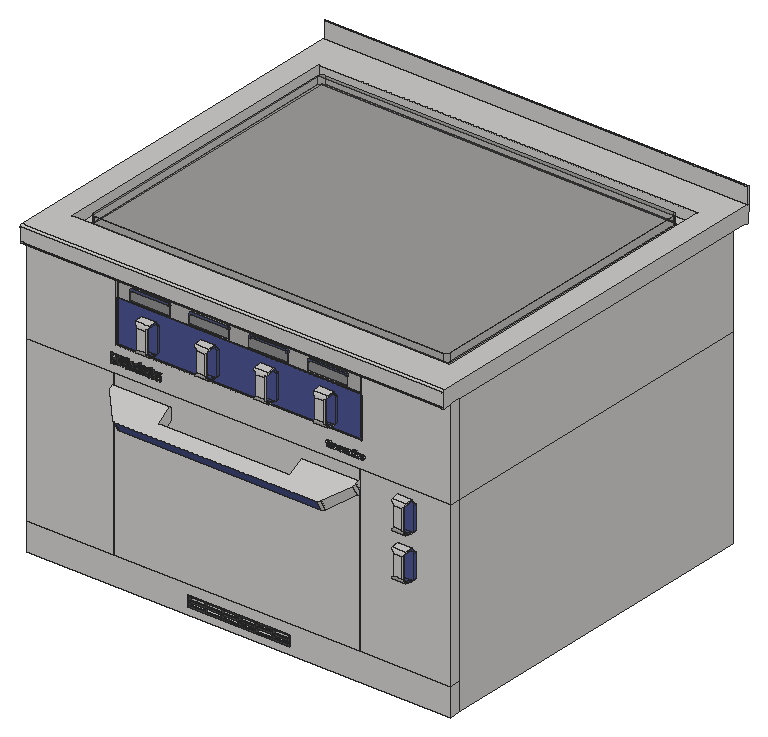
Revit family "QF_ELECTROLUXPROFESSIONAL_589662_MCTGEBJ8AO", category Attrezzature speciali, Revit 2020
Family settings
  Quota connettore circolare = Usa diametro
  Tipo di parte = Normale
  Basato su piano di lavoro = No
  Sempre verticale = Sì
  Taglio con vuoti quando caricato = No
  Condiviso = No
  Punto di calcolo locali = No
Parameters (values of type "Standard")
  Weight = 258.00 kg
  Watts = 21300 W
  Volts = 400 V
  URL Manufacturer = "https://www.electroluxprofessional.com/"
  URL = "https://www.electroluxprofessional.com/"
  Steam Supply Size = 0"
  Steam Supply Minimum Pressure = 0.00 psi
  Steam Supply Maximum Pressure = 0.00 psi
  Steam Consumption per Hour = 0
  Refrigeration Suction Line Size = 0 mm
  Refrigeration Liquid Line Size = 0 mm
  Refrigerant Compressor Remote = yes
  Prospetto di default = 0 mm
  Phase = 3
  Modello = "MCTGEBJ8AO"
  Produttore = "Electrolux Professional"
  Length Actual = 1000 mm  # constant formula
  Item Number = "589662"
  Hot Water Size = 0"
  Height Actual = 700 mm  # constant formula
  HP = "28.6 HP"
  Gas Size = 0"
  Gas KW = 0
  Gas Input Pressure = 0.0 Btu/h
  Direct Waste Size = 0"
  Descrizione = "EL.FREE COOK.ST.OVEN,1S,BS,1000X900X700H"
  Depth Actual = 900 mm  # constant formula
  Cycle = 50 Hz
  Condensate Return Size = 0"
  Compressed Air Volume = 0 GPM
  Compressed Air Size = 0"
  Compressed Air Pressure = 0.00 psi
  Cold Water Size = 0"
  Accessory = yes
Reference planes
  plane 1 "BACK": y = 0
  plane 2: z = 0
  plane 3 "LEFT": x = -100
  plane 4 "RIGHT": x = 900
  plane 5 "FRONT": y = -900
  plane 6 "TOP": z = 900
  plane 7 "Center (Left/Right)": x = 400
  plane 8: y = -450
  plane 9: z = 200
  plane 10: y = -150
  plane 11 "Panel": y = -855
  plane 12: z = 798
  plane 13: z = 1327
  plane 14: x = -22
  plane 15: x = 822
  plane 16: y = -150
  plane 17: y = -650
  plane 18 "EIx": x = 855
  plane 19 "EIy": y = -685
  plane 20: y = -880
  plane 21: z = 938
Forms (mm)
  Extrusion 1, solid, material "QF_Finishes_Stainless Steel"
    sketch origin (-178.969, -4572, 200) x (-1, 0, 0) y (0, -1, 0)
      loop
        line (-78.969, -4527) -> (-78.969, -3717) -> (-1078.969, -3717) -> (-1078.969, -4527) -> (-78.969, -4527)
    from 450 to 663
  Extrusion 2, solid, material "QF_Finishes_Stainless Steel"
    sketch origin (-100, 0, 0) x (0, 1, 0) y (0, 0, 1)
      loop
        line (-855, 200) -> (-855, 265) -> (-880, 265) -> (-880, 200) -> (-855, 200)
    from 0 to 1000
  Extrusion 3, solid, material "QF_Finishes_Stainless Steel"
    sketch origin (-488.969, -4662, 200) x (-1, 0, 0) y (0, -1, 0)
      loop
        circle (-1343.969, -3977) r 6.35
    from 0 to -11.851
  Extrusion 4, solid, material "QF_Finishes_Stainless Steel"
    sketch origin (400, 296.4, 1219.2) x (0, 1, 0) y (0, 0, 1)
      loop
        line (-296.4, -319.2) -> (-1191.4, -319.2)
        arc (-1191.4, -319.2) -> (-1194.935, -320.664) -> (-1196.4, -324.2) r 5
        line (-1196.4, -324.2) -> (-1196.4, -355.2)
        arc (-1196.4, -355.2) -> (-1194.971, -358.264) -> (-1191.705, -359.139) r 4
        line (-1191.705, -359.139) -> (-1176.4, -356.231) -> (-316.4, -356.231) -> (-301.094, -359.139)
        arc (-301.094, -359.139) -> (-297.829, -358.264) -> (-296.4, -355.2) r 4
        line (-296.4, -355.2) -> (-296.4, -319.2)
    from -500 to 500
  Extrusion 5, solid, material "QF_Finishes_Electrolux_Black Smoke Iluminated"
    sketch origin (0, 0, 900) x (-1, 0, 0) y (0, -1, 0)
      loop
        arc (12, 109) -> (19.071, 111.929) -> (22, 119) r 10
        line (22, 119) -> (22, 780)
        arc (22, 780) -> (19.071, 787.071) -> (12, 790) r 10
        line (12, 790) -> (-812, 790)
        arc (-812, 790) -> (-819.071, 787.071) -> (-822, 780) r 10
        line (-822, 780) -> (-822, 119)
        arc (-822, 119) -> (-819.071, 111.929) -> (-812, 109) r 10
        line (-812, 109) -> (12, 109)
    from 0 to -20
  Extrusion 6, solid, material "QF_Finishes_Stainless Steel"
    sketch origin (-178.969, -4572, 200) x (-1, 0, 0) y (0, -1, 0)
      loop
        line (-78.969, -4527) -> (-78.969, -3717) -> (-1078.969, -3717) -> (-1078.969, -4527) -> (-78.969, -4527)
    from 450 to 0
  Extrusion 7, void
    sketch origin (0, -855, 0) x (-1, 0, 0) y (0, 0, 1)
      loop
        line (-520, 216.594) -> (-280, 216.594) -> (-280, 241.594) -> (-520, 241.594) -> (-520, 216.594)
    from 0 to -25
  Extrusion 8, solid, material "QF_Finishes_Black"
    sketch origin (0, -855, 0) x (-1, 0, 0) y (0, 0, 1)
      loop
        line (-280, 241.594) -> (-520, 241.594) -> (-520, 216.594) -> (-280, 216.594) -> (-280, 241.594)
      loop
        line (-282, 239.594) -> (-319.131, 239.594) -> (-319.131, 230.094) -> (-282, 230.094) -> (-282, 239.594)
      loop
        line (-282, 218.594) -> (-282, 228.094) -> (-319.131, 228.094) -> (-319.131, 218.594) -> (-282, 218.594)
      loop
        line (-321.131, 239.594) -> (-359.066, 239.594) -> (-359.066, 230.094) -> (-321.131, 230.094) -> (-321.131, 239.594)
      loop
        line (-399, 239.594) -> (-399, 230.094) -> (-361.066, 230.094) -> (-361.066, 239.594) -> (-399, 239.594)
      loop
        line (-401, 239.594) -> (-438.934, 239.594) -> (-438.934, 230.094) -> (-401, 230.094) -> (-401, 239.594)
      loop
        line (-359.066, 218.594) -> (-321.131, 218.594) -> (-321.131, 228.094) -> (-359.066, 228.094) -> (-359.066, 218.594)
      loop
        line (-361.066, 218.594) -> (-361.066, 228.094) -> (-399, 228.094) -> (-399, 218.594) -> (-361.066, 218.594)
      loop
        line (-401, 228.094) -> (-438.934, 228.094) -> (-438.934, 218.594) -> (-401, 218.594) -> (-401, 228.094)
      loop
        line (-518, 239.594) -> (-518, 230.094) -> (-480.869, 230.094) -> (-480.869, 239.594) -> (-518, 239.594)
      loop
        line (-518, 218.594) -> (-480.869, 218.594) -> (-480.869, 228.094) -> (-518, 228.094) -> (-518, 218.594)
      loop
        line (-478.869, 239.594) -> (-478.869, 230.094) -> (-440.934, 230.094) -> (-440.934, 239.594) -> (-478.869, 239.594)
      loop
        line (-440.934, 218.594) -> (-440.934, 228.094) -> (-478.869, 228.094) -> (-478.869, 218.594) -> (-440.934, 218.594)
    from -25.03 to -20
  Extrusion 9, void
    sketch origin (0, 0, 900) x (-1, 0, 0) y (0, -1, 0)
      loop
        line (47, 815) -> (-847, 815) -> (-847, 84) -> (47, 84) -> (47, 815)
    from 0 to -25
  Extrusion 10, solid, material "QF_Finishes_Stainless Steel"
    sketch origin (0, 0, 900) x (-1, 0, 0) y (0, -1, 0)
      loop
        line (18, 113) -> (18, 786) -> (-818, 786) -> (-818, 113) -> (18, 113)
    from -20 to -25
  Extrusion 11, solid, material "QF_Finishes_Stainless Steel"
    sketch origin (400, 296.4, 1219.2) x (0, 1, 0) y (0, 0, 1)
      loop
        line (-296.4, -319.2) -> (-296.4, -281.2) -> (-298.4, -281.2) -> (-298.4, -319.2) -> (-296.4, -319.2)
    from -500 to 500
Cuts and joins
  Extrusion 7 cuts Extrusion 6
  Extrusion 7 cuts Extrusion 2
  Extrusion 9 cuts Extrusion 4
Lines and regions (mm)
  symbolic lines
    curve 1: line (-100, 0, 200) -> (900, 0, 200)
    curve 2: line (-100, -900, 200) -> (-100, 0, 200)
    curve 3: line (900, -900, 200) -> (-100, -900, 200)
    curve 4: line (900, 0, 200) -> (900, -900, 200)
    curve 5: line (812, -109, 200) -> (-12, -109, 200)
    curve 6: line (-22, -119, 200) -> (-22, -780, 200)
    curve 7: line (-12, -790, 200) -> (812, -790, 200)
    curve 8: line (822, -780, 200) -> (822, -119, 200)
    curve 9: arc (-12, -109, 200) -> (-19.071, -111.929, 200) -> (-22, -119, 200) r 10
    curve 10: arc (822, -119, 200) -> (819.071, -111.929, 200) -> (812, -109, 200) r 10
    curve 11: arc (812, -790, 200) -> (819.071, -787.071, 200) -> (822, -780, 200) r 10
    curve 12: arc (-22, -780, 200) -> (-19.071, -787.071, 200) -> (-12, -790, 200) r 10
    curve 13: line (847, -84, 900) -> (-47, -84, 900)
    curve 14: line (-47, -84, 900) -> (-47, -815, 900)
    curve 15: line (847, -815, 900) -> (847, -84, 900)
    curve 16: line (-47, -815, 900) -> (847, -815, 900)
    curve 17: line (-100, -2, 900) -> (900, -2, 900)
Dimensions and locks
  plane 3 "LEFT" to plane 4 "RIGHT" = 1000 mm
  plane 5 "FRONT" to plane 1 "BACK" = 900 mm
  plane 3 "LEFT" to plane 7 "Center (Left/Right)" to plane 4 "RIGHT" = 500 mm, 500 mm
  equal spacing: plane 5 "FRONT", plane 8, plane 1 "BACK"
  plane 6 "TOP" to level = 900 mm  (x2)
  plane 9 to level = 200 mm
  plane 1 "BACK" to plane 10 to plane 11 "Panel" = 150 mm, 705 mm  (x2)
  plane 6 "TOP" to plane 9 to level = 700 mm, 200 mm
  plane 1 "BACK" to plane 5 "FRONT" = 900 mm
  plane 1 "BACK" to Extrusion 3 = 685 mm
  plane 12 to plane 9 = 598 mm
  plane 13 to plane 6 "TOP" = 427 mm
  plane 6 "TOP" to plane 12 = 102 mm
  plane 14 to plane 3 "LEFT" = 78 mm
  plane 15 to plane 4 "RIGHT" = 78 mm
  locked: plane 1 "BACK" to plane 16 at 150
  locked: plane 16 to plane 17 at 500
  plane 11 "Panel" to plane 5 "FRONT" = 45 mm
  plane 18 "EIx" to plane 4 "RIGHT" = 45 mm
  plane 19 "EIy" to plane 1 "BACK" = 685 mm
  locked: plane 11 "Panel" to plane 20 at 25
  plane 21 to plane 6 "TOP" = 38 mm
  aligned and locked: level to plane 2
  aligned and locked: Extrusion 2 to plane 4 "RIGHT"
  aligned and locked: cut or joined group of Extrusion 4, Extrusion 9 to plane 3 "LEFT"
  aligned and locked: cut or joined group of Extrusion 4, Extrusion 9 to plane 4 "RIGHT"
  aligned and locked: cut or joined group of Extrusion 6, Extrusion 7 to plane 4 "RIGHT"
  aligned and locked: cut or joined group of Extrusion 6, Extrusion 7 to plane 3 "LEFT"
  aligned and locked: nested 1 to plane 11 "Panel"
  aligned and locked: nested 4 to plane 11 "Panel"
  aligned and locked: Extrusion 1 to plane 11 "Panel"
  aligned and locked: plane 11 "Panel" to cut or joined group of Extrusion 2, Extrusion 7
  aligned and locked: nested 2 to plane 20
  aligned and locked: nested 3 to plane 20
  aligned and locked: Extrusion 1 to plane 3 "LEFT"
  aligned and locked: Extrusion 1 to plane 4 "RIGHT"
  aligned and locked: plane 3 "LEFT" to nested 1
  aligned and locked: Extrusion 11 to plane 3 "LEFT"
  aligned and locked: Extrusion 11 to plane 4 "RIGHT"
Automatic sketch dimensions
  Extrusion 1 sketch curve to plane 4 "RIGHT" = 0 mm
  Extrusion 1 sketch curve to plane 3 "LEFT" = 0 mm
  Extrusion 1 sketch curve to plane 11 "Panel" = 0 mm
  plane 1 "BACK" to Extrusion 1 sketch curve = 45 mm
  Extrusion 2 sketch curve to plane 9 = 0 mm
  Extrusion 2 sketch curve to plane 20 = 0 mm
  Extrusion 2 sketch curve to plane 11 "Panel" = 0 mm
  plane 9 to Extrusion 2 sketch curve = 65 mm
  plane 1 "BACK" to curve 1 = 0 mm
  curve 1 to plane 4 "RIGHT" = 0 mm
  curve 8 to plane 15 = 0 mm
  curve 6 to plane 14 = 0 mm
  curve 2 to plane 3 "LEFT" = 0 mm
  plane 5 "FRONT" to curve 3 = 0 mm
  plane 15 to curve 5 = 10 mm
  plane 15 to curve 11 = 10 mm
  curve 5 to plane 14 = 10 mm
  curve 12 to curve 12 = 10 mm
  plane 10 to curve 5 = 41 mm
  plane 11 "Panel" to curve 11 = 75 mm
  Extrusion 3 sketch curve to plane 18 "EIx" = 0 mm
  Extrusion 3 sketch curve to plane 19 "EIy" = 0 mm
  Extrusion 4 sketch curve to plane 5 "FRONT" = 0 mm
  Extrusion 4 sketch curve to plane 6 "TOP" = 0 mm
  Extrusion 4 sketch curve to plane 20 = 0 mm
  Extrusion 4 sketch curve to plane 1 "BACK" = 0 mm
  Extrusion 4 sketch curve to Extrusion 4 sketch curve = 4 mm
  Extrusion 4 sketch curve to Extrusion 4 sketch curve = 0.695 mm
  Extrusion 4 sketch curve to plane 5 "FRONT" = 5 mm
  plane 1 "BACK" to Extrusion 4 sketch curve = 20 mm
  plane 1 "BACK" to Extrusion 4 sketch curve = 4.695 mm
  plane 1 "BACK" to Extrusion 4 sketch curve = 4 mm
  Extrusion 4 sketch curve to Extrusion 4 sketch curve = 31 mm
  Extrusion 4 sketch curve to Extrusion 4 sketch curve = 36 mm
  Extrusion 4 sketch curve to Extrusion 4 sketch curve = 2.909 mm
  Extrusion 5 sketch curve to plane 15 = 0 mm
  Extrusion 5 sketch curve to plane 14 = 0 mm
  plane 15 to Extrusion 5 sketch curve = 10 mm  (x2)
  Extrusion 5 sketch curve to Extrusion 5 sketch curve = 10 mm  (x2)
  plane 10 to Extrusion 5 sketch curve = 41 mm
  plane 11 "Panel" to Extrusion 5 sketch curve = 75 mm
  Extrusion 6 sketch curve to plane 4 "RIGHT" = 0 mm
  Extrusion 6 sketch curve to plane 3 "LEFT" = 0 mm
  Extrusion 6 sketch curve to plane 11 "Panel" = 0 mm
  plane 1 "BACK" to Extrusion 6 sketch curve = 45 mm
  plane 9 to Extrusion 7 sketch curve = 41.594 mm
  plane 7 "Center (Left/Right)" to Extrusion 7 sketch curve = 120 mm
  Extrusion 7 sketch curve to plane 7 "Center (Left/Right)" = 120 mm
  plane 9 to Extrusion 7 sketch curve = 16.594 mm
  plane 9 to Extrusion 8 sketch curve = 41.594 mm
  plane 7 "Center (Left/Right)" to Extrusion 8 sketch curve = 120 mm
  Extrusion 8 sketch curve to Extrusion 8 sketch curve = 2 mm  (x15)
  Extrusion 8 sketch curve to Extrusion 8 sketch curve = 0 mm  (x16)
  Extrusion 8 sketch curve to Extrusion 8 sketch curve = 37.131 mm  (x2)
  Extrusion 8 sketch curve to Extrusion 8 sketch curve = 37.934 mm  (x3)
  plane 7 "Center (Left/Right)" to Extrusion 8 sketch curve = 1 mm  (x2)
  Extrusion 8 sketch curve to plane 7 "Center (Left/Right)" = 1 mm  (x2)
  plane 9 to Extrusion 8 sketch curve = 18.594 mm  (x4)
  Extrusion 8 sketch curve to Extrusion 8 sketch curve = 9.5 mm  (x6)
  plane 18 "EIx" to Extrusion 9 sketch curve = 8 mm
  plane 14 to Extrusion 9 sketch curve = 25 mm
  plane 10 to Extrusion 9 sketch curve = 66 mm
  plane 11 "Panel" to Extrusion 9 sketch curve = 40 mm
  plane 15 to Extrusion 10 sketch curve = 4 mm
  Extrusion 10 sketch curve to plane 14 = 4 mm
  plane 10 to Extrusion 10 sketch curve = 37 mm
  plane 11 "Panel" to Extrusion 10 sketch curve = 69 mm
  curve 17 to plane 4 "RIGHT" = 0 mm
  curve 17 to plane 3 "LEFT" = 0 mm
  plane 18 "EIx" to curve 16 = 8 mm
  plane 14 to curve 16 = 25 mm
  plane 10 to curve 14 = 66 mm
  plane 11 "Panel" to curve 16 = 40 mm
  plane 1 "BACK" to curve 17 = 2 mm
  Extrusion 11 sketch curve to plane 6 "TOP" = 0 mm
  Extrusion 11 sketch curve to plane 21 = 0 mm
  Extrusion 11 sketch curve to plane 1 "BACK" = 0 mm
  plane 1 "BACK" to Extrusion 11 sketch curve = 2 mm
  radius of Extrusion 3 sketch curve = 6.35 mm
Nested families
  nested 1: "Door_Panel_W1000_A" at (400, -855, 0), type "Door_Panel_W1000_A"
  nested 2: "FIT Range Control Handle" at (795, -883.137, -372.751), type "FIT Range Control Handle"
  nested 3: "FIT Range Control Handle" at (795, -883.137, -474.751), type "FIT Range Control Handle"
  nested 4: "Front_Panel_W1000_4 Knobs" at (102.376, -855, 0), type "Front_Panel_W1000_4 Knobs"
Connectors
  electrical at (855, -685, 188.149)
    settings: on Extrusion 3, index 1, voltage 400 V, apparent load 33000 VA, apparent load phase1 0 VA, apparent load phase2 0 VA, apparent load phase3 0 VA, power factor 1, load classification "Other", number of poles 1, system type 30, power factor state 1, is connector primary yes, connector utility no, sub classification motor no, connector description "ELECTRICAL CONNECTION"
Definition of nested family "Door_Panel_W1000_A"
  Parameters
    Default Elevation = 0 mm
  Reference planes
    plane 1 "Center (Front/Back)": y = 0
    plane 2 "Ref. Level": z = 0
    plane 3: x = 500
    plane 4: x = -500
    plane 5 "Center (Left/Right)": x = 0
    plane 6: x = -295
    plane 7: x = 285
    plane 8 "Manopola": through (-6096, -50.059, 612.389) normal (0, -0.515, 0.8572)
    plane 9 "Top": z = 650
    plane 10: z = 265
    plane 11: z = 200
  Forms (mm)
    Extrusion 1, solid
      sketch origin (0, 0, 0) x (0, 1, 0) y (0, 0, 1)
        loop
          line (-25.03, 650) -> (-25.03, 265) -> (0, 265) -> (0, 650) -> (-25.03, 650)
      from 285 to 500
    Extrusion 2, solid
      sketch origin (0, 0, 0) x (0, 1, 0) y (0, 0, 1)
        loop
          line (-25.03, 650) -> (-25.03, 265) -> (0, 265) -> (0, 650) -> (-25.03, 650)
      from -500 to -295
    Extrusion 3, solid
      sketch origin (0, 0, 0) x (0, 1, 0) y (0, 0, 1)
        loop
          line (-25.03, 650) -> (-25.03, 265) -> (0, 265) -> (0, 650) -> (-25.03, 650)
      from -295 to 285
    Extrusion 4, solid
      sketch origin (0, -283.633, 472.044) x (0, 0.857167, 0.515038) y (-1, 0, 0)
        loop
          line (299.12, -285) -> (299.12, 295) -> (290.982, 295)
          arc (290.982, 295) -> (286.677, 294.026) -> (283.211, 291.293) r 10
          line (283.211, 291.293) -> (233.28, 250.86)
          arc (233.28, 250.86) -> (230.548, 247.394) -> (229.574, 243.089) r 10
          line (229.574, 243.089) -> (229.574, -233.089)
          arc (229.574, -233.089) -> (230.548, -237.394) -> (233.28, -240.86) r 10
          line (233.28, -240.86) -> (283.211, -281.293)
          arc (283.211, -281.293) -> (286.677, -284.026) -> (290.982, -285) r 10
          line (290.982, -285) -> (299.12, -285)
      from -27 to 0
    Extrusion 5, void
      sketch origin (0, 0, 0) x (0, 1, 0) y (0, 0, 1)
        loop
          line (-61.514, 605.507) -> (-47.608, 582.363) -> (-25.03, 595.93) -> (-25.03, 627.429) -> (-61.514, 605.507)
      from -160 to 150
    Extrusion 6, solid, detail levels coarse
      sketch origin (0, 0, 0) x (0, 1, 0) y (0, 0, 1)
        loop
          line (-25.03, 265) -> (-25.03, 650)
          arc (-25.03, 650) -> (-297.266, 537.236) -> (-410.03, 265) r 385
          line (-410.03, 265) -> (-25.03, 265)
      from -295 to 285
  Cuts and joins
    Extrusion 5 cuts Extrusion 4
    joined: Extrusion 3, Extrusion 4
  Lines and regions (mm)
    symbolic lines
      curve 1: line (-287.355, -45.043, 0) -> (-250.86, -83.673, 0)
      curve 2: line (-243.089, -86.85, 0) -> (233.089, -86.85, 0)
      curve 3: line (240.86, -83.673, 0) -> (277.355, -45.043, 0)
      curve 4: arc (-243.089, -86.85, 0) -> (-247.318, -86.101, 0) -> (-250.86, -83.673, 0) r 10.165
      curve 5: arc (233.089, -86.85, 0) -> (237.318, -86.101, 0) -> (240.86, -83.673, 0) r 10.165
      curve 6: line (-295, -45.043, 0) -> (-295, -410.03, 0)
      curve 7: line (-295, -410.03, 0) -> (285, -410.03, 0)
      curve 8: line (285, -410.03, 0) -> (285, -45.03, 0)
  Dimensions and locks
    plane 3 to plane 4 = 1000 mm
    plane 4 to plane 3 = 1000 mm
    equal spacing: plane 3, plane 5 "Center (Left/Right)", plane 4
    plane 6 to plane 4 = 205 mm
    plane 3 to plane 7 = 215 mm
    plane 11 to level = 200 mm
    plane 10 to plane 11 = 65 mm
    plane 10 to plane 9 "Top" = 385 mm
    plane 9 "Top" to plane 11 = 450 mm
    aligned and locked: plane 3 to Extrusion 1
    aligned and locked: cut or joined group of Extrusion 3, Extrusion 4, Extrusion 5 to plane 6
    aligned and locked: cut or joined group of Extrusion 3, Extrusion 4, Extrusion 5 to plane 7
    aligned and locked: plane 7 to Extrusion 1
    aligned and locked: plane 6 to Extrusion 2
    aligned and locked: Extrusion 2 to plane 4
    aligned and locked: plane 10 to Extrusion 2
    aligned and locked: plane 10 to cut or joined group of Extrusion 3, Extrusion 4, Extrusion 5
    aligned and locked: plane 10 to Extrusion 1
    aligned and locked: Extrusion 6 to plane 6
    aligned and locked: Extrusion 6 to plane 7
  Automatic sketch dimensions
    Extrusion 5 sketch curve to plane 8 "Manopola" = 0 mm  (x2)
    plane 1 "Center (Front/Back)" to Extrusion 5 sketch curve = 61.514 mm
    Extrusion 5 sketch curve to Extrusion 5 sketch curve = 13.906 mm
    plane 1 "Center (Front/Back)" to Extrusion 5 sketch curve = 25.03 mm
    Extrusion 4 sketch curve to plane 7 = 0 mm
    Extrusion 4 sketch curve to plane 6 = 0 mm
    plane 6 to Extrusion 4 sketch curve = 51.911 mm
    plane 7 to Extrusion 4 sketch curve = 44.14 mm
    Extrusion 4 sketch curve to Extrusion 4 sketch curve = 3.707 mm  (x2)
    plane 6 to Extrusion 4 sketch curve = 44.14 mm
    plane 7 to Extrusion 4 sketch curve = 3.707 mm
    Extrusion 4 sketch curve to Extrusion 4 sketch curve = 49.93 mm  (x2)
    plane 6 to Extrusion 4 sketch curve = 3.707 mm
    Extrusion 4 sketch curve to Extrusion 4 sketch curve = 7.771 mm  (x3)
    Extrusion 4 sketch curve to Extrusion 4 sketch curve = 8.138 mm
    Extrusion 2 sketch curve to plane 1 "Center (Front/Back)" = 0 mm
    Extrusion 3 sketch curve to plane 1 "Center (Front/Back)" = 0 mm
    Extrusion 1 sketch curve to plane 1 "Center (Front/Back)" = 0 mm
    Extrusion 2 sketch curve to plane 9 "Top" = 0 mm
    Extrusion 2 sketch curve to Extrusion 2 sketch curve = 25.03 mm
    Extrusion 3 sketch curve to plane 9 "Top" = 0 mm
    Extrusion 3 sketch curve to Extrusion 3 sketch curve = 25.03 mm
    Extrusion 1 sketch curve to plane 9 "Top" = 0 mm
    plane 1 "Center (Front/Back)" to Extrusion 1 sketch curve = 25.03 mm
    level to Extrusion 1 sketch curve = 265 mm
    level to Extrusion 2 sketch curve = 265 mm
    level to Extrusion 3 sketch curve = 265 mm
    plane 10 to Extrusion 6 sketch curve = 0 mm
    Extrusion 6 sketch curve to plane 9 "Top" = 0 mm
    plane 1 "Center (Front/Back)" to Extrusion 6 sketch curve = 25.03 mm
    curve 7 to plane 7 = 0 mm
    plane 6 to curve 1 = 44.14 mm
    curve 4 to curve 4 = 7.389 mm
    curve 4 to curve 2 = 7.771 mm
    plane 7 to curve 2 = 51.911 mm
    curve 2 to curve 5 = 0.382 mm
    curve 2 to curve 3 = 7.771 mm
    plane 1 "Center (Front/Back)" to curve 6 = 410.03 mm
    plane 1 "Center (Front/Back)" to curve 2 = 86.85 mm
    curve 2 to curve 3 = 3.177 mm
    curve 2 to curve 1 = 3.177 mm
    plane 7 to curve 3 = 7.645 mm
    plane 1 "Center (Front/Back)" to curve 3 = 45.043 mm
    curve 3 to curve 8 = 0.013 mm
    curve 7 to plane 6 = 0 mm
    curve 6 to curve 1 = 7.645 mm
    plane 1 "Center (Front/Back)" to curve 1 = 45.043 mm
    curve 6 to curve 1 = 0 mm
Definition of nested family "FIT Range Control Handle"
  Parameters
    Default Elevation = 0 mm
  Reference planes
    plane 1 "Center (Front/Back)": y = 0
    plane 2: z = 0
    plane 3 "Center (Left/Right)": x = 0
    plane 4: z = 971.092
    plane 5: y = -16.8
  Forms (mm)
    Extrusion 1, solid
      sketch origin (-746.28, 380.497, 208.931) x (-1, 0, 0) y (0, 0, 1)
        loop
          line (-770.101, 786.798) -> (-770.101, 731.649)
          arc (-770.101, 731.649) -> (-769.759, 730.563) -> (-768.855, 729.87) r 1.893
          line (-768.855, 729.87) -> (-763.474, 727.911) -> (-729.81, 727.911) -> (-724.428, 729.87)
          arc (-724.428, 729.87) -> (-723.525, 730.563) -> (-723.183, 731.649) r 1.893
          line (-723.183, 731.649) -> (-723.183, 786.798)
          arc (-723.183, 786.798) -> (-723.529, 787.894) -> (-724.44, 788.593) r 1.91
          line (-724.44, 788.593) -> (-729.683, 790.819) -> (-763.601, 790.819) -> (-768.844, 788.593)
          arc (-768.844, 788.593) -> (-769.755, 787.894) -> (-770.101, 786.798) r 1.91
      from -382.35 to -378.852
    Sweep 2, solid
      path origin (-746.788, 380.496, 208.091) x (0, -1, 0) y (0, 0, 1)
        loop
          line (379.775, 793.281) -> (395.661, 791.048)
          arc (395.661, 791.048) -> (397.781, 787.377) -> (398.517, 783.202) r 12.207
          line (398.517, 783.202) -> (398.517, 737.368)
          arc (398.517, 737.368) -> (397.781, 733.193) -> (395.661, 729.522) r 12.207
          line (395.661, 729.522) -> (379.775, 727.289)
      profile origin (-746.788, -7.222, 1000.256) x (0, -0.139173, 0.990268) y (-1, 0, 0)
        loop
          line (0.782, -763.123) -> (0.782, -730.907) -> (-1.322, -730.907) -> (-1.322, -763.123) -> (0.782, -763.123)
    Sweep 3, solid
      path origin (-746.788, 380.715, 207.832) x (0, -1, 0) y (0, 0, 1)
        loop
          line (380.478, 795.442) -> (397.218, 793.09)
          arc (397.218, 793.09) -> (399.929, 788.473) -> (400.871, 783.202) r 15.207
          line (400.871, 783.202) -> (400.871, 737.584)
          arc (400.871, 737.584) -> (399.914, 732.274) -> (397.164, 727.633) r 15.207
          line (397.164, 727.633) -> (380.601, 725.305)
      profile origin (-746.788, -8.132, 1002.099) x (0, -0.139173, 0.990268) y (-1, 0, 0)
        loop
          line (0.782, -763.123) -> (0.782, -730.907) -> (-1.322, -730.907) -> (-1.322, -763.123) -> (0.782, -763.123)
    Extrusion 4, void
      sketch origin (889.253, 220.666, 207.993) x (1, 0, 0) y (0, 0, 1)
        loop
          line (-943.038, 816.854) -> (-943.038, 703.686) -> (-899.466, 734.196) -> (-899.466, 786.344) -> (-943.038, 816.854)
      from 230.636 to 242.25
    Extrusion 5, void
      sketch origin (-888.8, 220.666, 207.993) x (-1, 0, 0) y (0, 0, -1)
        loop
          line (-943.038, -816.854) -> (-899.466, -786.344) -> (-899.466, -734.196) -> (-943.038, -703.686) -> (-943.038, -816.854)
      from 230.636 to 242.25
    Extrusion 6, solid
      sketch origin (0, 0, 0) x (1, 0, 0) y (0, 0, 1)
        loop
          circle (0, 971.092) r 7.736
      from -3.137 to -1.645
  Cuts and joins
    Extrusion 4, Extrusion 5 cuts Sweep 3
    Extrusion 4, Extrusion 5 cuts Sweep 2
    joined: Extrusion 1, Extrusion 6
  Lines and regions (mm)
    symbolic lines
      curve 1: line (-15.881, -19.189, 0) -> (-15.881, -16.8, 0)
      curve 2: line (16.334, -19.189, 0) -> (16.334, -16.8, 0)
      curve 3: spline (-15.881, -19.189, 0) -> (-15.417, -19.349, 0) -> (-14.951, -19.501, 0) -> (-14.483, -19.646, 0) -> (-14.014, -19.783, 0) -> (-13.543, -19.912, 0) -> (-13.071, -20.033, 0) -> (-12.597, -20.146, 0) -> (-12.122, -20.251, 0) -> (-11.646, -20.349, 0) -> (-11.169, -20.438, 0) -> (-10.691, -20.52, 0) -> (-10.213, -20.593, 0)
      curve 4: spline (10.666, -20.593, 0) -> (11.144, -20.52, 0) -> (11.622, -20.438, 0) -> (12.099, -20.349, 0) -> (12.575, -20.251, 0) -> (13.05, -20.146, 0) -> (13.524, -20.033, 0) -> (13.996, -19.912, 0) -> (14.467, -19.783, 0) -> (14.936, -19.646, 0) -> (15.404, -19.501, 0) -> (15.87, -19.349, 0) -> (16.334, -19.189, 0)
      curve 5: line (-10.213, -20.938, 0) -> (10.716, -20.938, 0)
  Dimensions and locks
    cut or joined group of Sweep 3, Extrusion 4, Extrusion 5 to cut or joined group of Sweep 3, Extrusion 4, Extrusion 5 = 71.686 mm
Definition of nested family "Front_Panel_W1000_4 Knobs"
  Parameters
    Default Elevation = 0 mm
  Reference planes
    plane 1 "Center (Front/Back)": y = 0
    plane 2: z = 0
    plane 3 "Center (Left/Right)": x = 297.624
    plane 4 "Left": x = -202.376
    plane 5 "Right": x = 797.624
    plane 6: y = -45
    plane 7: x = 87.624
    plane 8: x = 227.624
    plane 9: y = -310
    plane 10: y = -25
    plane 11: x = -2.376
    plane 12: x = 367.624
    plane 13: x = 507.624
    plane 14: x = 594.715
  Forms (mm)
    Extrusion 1, solid
      sketch origin (833.217, 829.203, -1.25) x (0, 1, 0) y (0, 0, 1)
        loop
          line (-854.203, 651.25) -> (-829.203, 651.25) -> (-829.203, 864.25) -> (-854.203, 864.25) -> (-854.203, 651.25)
      from -1035.593 to -35.593
    Extrusion 2, void
      sketch origin (0, 0, 0) x (1, 0, 0) y (0, 0, 1)
        loop
          line (7.624, 853.866) -> (7.624, 711.866) -> (587.624, 711.866) -> (587.624, 853.866) -> (7.624, 853.866)
      from 19.387 to 33.951
  Cuts and joins
    Extrusion 2 cuts Extrusion 1
  Lines and regions (mm)
    symbolic lines
      curve 1: line (131.124, -45, 0) -> (131.124, -310, 0)
      curve 2: line (131.124, -310, 0) -> (464.124, -310, 0)
      curve 3: line (235.966, -310, 0) -> (240.646, -334.075, 0)
      curve 4: line (240.646, -334.075, 0) -> (354.603, -334.075, 0)
      curve 5: line (354.603, -334.075, 0) -> (359.283, -310, 0)
      curve 6: line (464.124, -310, 0) -> (464.124, -45, 0)
      curve 7: line (131.124, -300, 0) -> (464.124, -300, 0)
      curve 8: line (240.874, -309.046, 0) -> (244.767, -329.075, 0)
      curve 9: line (244.767, -329.075, 0) -> (350.481, -329.075, 0)
      curve 10: line (350.481, -329.075, 0) -> (354.375, -309.046, 0)
  Dimensions and locks
    equal spacing: plane 5 "Right", plane 3 "Center (Left/Right)", plane 4 "Left"
    plane 5 "Right" to plane 4 "Left" = 1000 mm
    plane 3 "Center (Left/Right)" to plane 7 = 210 mm
    plane 3 "Center (Left/Right)" to plane 8 = 70 mm
    plane 6 to plane 9 = 265 mm
    plane 13 to plane 3 "Center (Left/Right)" = 210 mm
    plane 12 to plane 3 "Center (Left/Right)" = 70 mm
    aligned and locked: cut or joined group of Extrusion 1, Extrusion 2 to plane 4 "Left"
    aligned and locked: plane 5 "Right" to cut or joined group of Extrusion 1, Extrusion 2
    aligned and locked: plane 3 "Center (Left/Right)" to nested 2
    aligned and locked: cut or joined group of Extrusion 1, Extrusion 2 to nested 2
  Automatic sketch dimensions
    Extrusion 1 sketch curve to plane 1 "Center (Front/Back)" = 0 mm
    level to Extrusion 1 sketch curve = 650 mm
    plane 4 "Left" to Extrusion 2 sketch curve = 210 mm
    Extrusion 2 sketch curve to plane 5 "Right" = 210 mm
    level to Extrusion 2 sketch curve = 711.866 mm
    Extrusion 2 sketch curve to Extrusion 2 sketch curve = 142 mm
    plane 6 to curve 1 = 0 mm
    plane 6 to curve 6 = 0 mm
    plane 9 to curve 1 = 0 mm
    plane 7 to curve 1 = 43.5 mm
    curve 4 to plane 9 = 24.075 mm
    plane 8 to curve 4 = 13.021 mm
    curve 3 to curve 8 = 4.122 mm
    plane 3 "Center (Left/Right)" to curve 4 = 56.979 mm
    curve 4 to curve 2 = 109.521 mm
    plane 8 to curve 3 = 8.342 mm
    curve 3 to curve 8 = 4.908 mm
    curve 9 to curve 4 = 4.122 mm
    curve 10 to plane 9 = 19.075 mm
    curve 9 to curve 5 = 8.801 mm
    plane 9 to curve 10 = 0.954 mm
    curve 10 to curve 5 = 4.908 mm
    curve 3 to curve 8 = 0.954 mm
    curve 1 to curve 7 = 10 mm
    Extrusion 1 sketch curve to plane 6 = 20 mm
    Extrusion 1 sketch curve to Extrusion 1 sketch curve = 213 mm
  Nested families
    nested 1: "Range Control Handle" at (87.624, -28.137, -209.113) x (-1, 0, 0) z (0, 0, 1), type "Range Control Handle"
    nested 2: "Front glass control panel W1000" at (297.624, 280.644, 2.752), type "Front glass control panel W1000"
    nested 3: "Range Control Handle" at (227.624, -28.137, -209.113) x (-1, 0, 0) z (0, 0, 1), type "Range Control Handle"
    nested 4: "Range Control Handle" at (367.624, -28.137, -209.113), type "Range Control Handle"
    nested 5: "Range Control Handle" at (507.624, -28.137, -209.113), type "Range Control Handle"
    nested 6: "ELX_ThermaLine_Small" at (546.122, -25, 679.426) x (1, 0, 0) z (0, -1, 0), type "ELX_ThermaLine_Small"
      with Show Logo yes, Material_Logo none
    nested 7: "ELX_Professional_Logo_Small" at (57.11, -25, 681.659) x (1, 0, 0) z (0, -1, 0), type "ELX_Professional_Logo_Small"
      with Show Logo yes, Material_Logo none
  Definition of nested family "Range Control Handle"
    Parameters
      Default Elevation = 0 mm
    Reference planes
      plane 1 "Center (Front/Back)": y = 0
      plane 2: z = 0
      plane 3 "Center (Left/Right)": x = 0
      plane 4: z = 971.092
      plane 5: y = -16.9
    Forms (mm)
      Extrusion 1, solid
        sketch origin (-746.28, 380.497, 208.931) x (-1, 0, 0) y (0, 0, 1)
          loop
            line (-770.101, 786.798) -> (-770.101, 731.649)
            arc (-770.101, 731.649) -> (-769.759, 730.563) -> (-768.855, 729.87) r 1.893
            line (-768.855, 729.87) -> (-763.474, 727.911) -> (-729.81, 727.911) -> (-724.428, 729.87)
            arc (-724.428, 729.87) -> (-723.525, 730.563) -> (-723.183, 731.649) r 1.893
            line (-723.183, 731.649) -> (-723.183, 786.798)
            arc (-723.183, 786.798) -> (-723.529, 787.894) -> (-724.44, 788.593) r 1.91
            line (-724.44, 788.593) -> (-729.683, 790.819) -> (-763.601, 790.819) -> (-768.844, 788.593)
            arc (-768.844, 788.593) -> (-769.755, 787.894) -> (-770.101, 786.798) r 1.91
        from -382.35 to -378.852
      Sweep 2, solid
        path origin (-746.788, 380.496, 208.091) x (0, -1, 0) y (0, 0, 1)
          loop
            line (379.775, 793.281) -> (395.661, 791.048)
            arc (395.661, 791.048) -> (397.781, 787.377) -> (398.517, 783.202) r 12.207
            line (398.517, 783.202) -> (398.517, 737.368)
            arc (398.517, 737.368) -> (397.781, 733.193) -> (395.661, 729.522) r 12.207
            line (395.661, 729.522) -> (379.775, 727.289)
        profile origin (-746.788, -7.222, 1000.256) x (0, -0.139173, 0.990268) y (-1, 0, 0)
          loop
            line (0.782, -763.123) -> (0.782, -730.907) -> (-1.322, -730.907) -> (-1.322, -763.123) -> (0.782, -763.123)
      Sweep 3, solid
        path origin (-746.788, 380.715, 207.832) x (0, -1, 0) y (0, 0, 1)
          loop
            line (380.478, 795.442) -> (397.218, 793.09)
            arc (397.218, 793.09) -> (399.929, 788.473) -> (400.871, 783.202) r 15.207
            line (400.871, 783.202) -> (400.871, 737.584)
            arc (400.871, 737.584) -> (399.914, 732.274) -> (397.164, 727.633) r 15.207
            line (397.164, 727.633) -> (380.601, 725.305)
        profile origin (-746.788, -8.132, 1002.099) x (0, -0.139173, 0.990268) y (-1, 0, 0)
          loop
            line (0.782, -763.123) -> (0.782, -730.907) -> (-1.322, -730.907) -> (-1.322, -763.123) -> (0.782, -763.123)
      Extrusion 4, void
        sketch origin (889.253, 220.666, 207.993) x (1, 0, 0) y (0, 0, 1)
          loop
            line (-943.038, 816.854) -> (-943.038, 703.686) -> (-899.466, 734.196) -> (-899.466, 786.344) -> (-943.038, 816.854)
        from 230.636 to 242.25
      Extrusion 5, void
        sketch origin (-888.8, 220.666, 207.993) x (-1, 0, 0) y (0, 0, -1)
          loop
            line (-943.038, -816.854) -> (-899.466, -786.344) -> (-899.466, -734.196) -> (-943.038, -703.686) -> (-943.038, -816.854)
        from 230.636 to 242.25
      Extrusion 6, solid
        sketch origin (0, 0, 0) x (1, 0, 0) y (0, 0, 1)
          loop
            circle (0, 971.092) r 7.736
        from -3.137 to -1.645
    Cuts and joins
      Extrusion 4, Extrusion 5 cuts Sweep 3
      Extrusion 4, Extrusion 5 cuts Sweep 2
      joined: Extrusion 1, Extrusion 6
    Lines and regions (mm)
      symbolic lines
        curve 1: line (16.334, -16.9, 0) -> (16.334, -19.227, 0)
        curve 2: spline (16.334, -19.227, 0) -> (15.87, -19.385, 0) -> (15.404, -19.536, 0) -> (14.936, -19.678, 0) -> (14.466, -19.813, 0) -> (13.995, -19.94, 0) -> (13.523, -20.059, 0) -> (13.049, -20.171, 0) -> (12.575, -20.274, 0) -> (12.099, -20.37, 0) -> (11.622, -20.458, 0) -> (11.144, -20.537, 0) -> (10.666, -20.609, 0)
        curve 3: line (10.666, -16.9, 0) -> (10.666, -20.938, 0)
        curve 4: line (-10.213, -20.938, 0) -> (10.666, -20.938, 0)
        curve 5: line (-10.213, -20.938, 0) -> (-10.213, -16.9, 0)
        curve 6: spline (-10.213, -20.609, 0) -> (-10.691, -20.537, 0) -> (-11.169, -20.458, 0) -> (-11.646, -20.37, 0) -> (-12.122, -20.274, 0) -> (-12.597, -20.171, 0) -> (-13.07, -20.059, 0) -> (-13.542, -19.94, 0) -> (-14.013, -19.813, 0) -> (-14.483, -19.678, 0) -> (-14.951, -19.536, 0) -> (-15.417, -19.385, 0) -> (-15.881, -19.227, 0)
        curve 7: line (-15.881, -19.227, 0) -> (-15.881, -16.9, 0)
  Definition of nested family "Front glass control panel W1000"
    Parameters
      Default Elevation = 0 mm
    Reference planes
      plane 1 "Center (Front/Back)": y = 0
      plane 2: z = 0
      plane 3 "Center (Left/Right)": x = 0
    Forms (mm)
      Extrusion 1, solid
        sketch origin (378.286, 0, 0.617) x (1, 0, 0) y (0, 0, 1)
          loop
            line (-668.286, 806.791) -> (-668.286, 708.497) -> (-88.286, 708.497) -> (-88.286, 806.791) -> (-668.286, 806.791)
        from 300.031 to 304.8
      Extrusion 2, solid
        sketch origin (378.286, 0, 0.617) x (1, 0, 0) y (0, 0, 1)
          loop
            line (-668.286, 850.497) -> (-668.286, 806.791) -> (-88.286, 806.791) -> (-88.286, 850.497) -> (-668.286, 850.497)
        from 300.031 to 304.8
      Extrusion 3, void
        sketch origin (378.286, 0, 0.617) x (1, 0, 0) y (0, 0, 1)
          loop
            line (-665.628, 847.565) -> (-665.628, 710.699) -> (-91.196, 710.699) -> (-91.196, 847.565) -> (-665.628, 847.565)
        from 303.697 to 304.8
      Extrusion 4, solid
        sketch origin (-378.333, 1.101, -0.633) x (-1, 0, 0) y (0, 0, -1)
          loop
            line (-261.431, -812.62) -> (-355.186, -812.62) -> (-355.186, -834.177) -> (-350.269, -834.177) -> (-348.469, -835.977) -> (-268.039, -835.977) -> (-266.24, -834.177) -> (-261.431, -834.177) -> (-261.431, -812.62)
        from 304.798 to 306.745
      Extrusion 5, solid
        sketch origin (-378.333, 1.101, -0.633) x (-1, 0, 0) y (0, 0, -1)
          loop
            line (-350.269, -834.177) -> (-355.078, -834.177)
            arc (-355.078, -834.177) -> (-353.942, -838.747) -> (-349.686, -840.763) r 5.5
            line (-349.686, -840.763) -> (-266.98, -840.763)
            arc (-266.98, -840.763) -> (-262.706, -838.752) -> (-261.529, -834.177) r 5.549
            line (-261.529, -834.177) -> (-266.24, -834.177) -> (-268.039, -835.977) -> (-348.469, -835.977) -> (-350.269, -834.177)
        from 304.798 to 306.745
      Extrusion 6, solid
        sketch origin (-518.333, 1.101, -0.633) x (-1, 0, 0) y (0, 0, -1)
          loop
            line (-261.431, -812.62) -> (-355.186, -812.62) -> (-355.186, -834.177) -> (-350.269, -834.177) -> (-348.469, -835.977) -> (-268.039, -835.977) -> (-266.24, -834.177) -> (-261.431, -834.177) -> (-261.431, -812.62)
        from 304.798 to 306.745
      Extrusion 7, solid
        sketch origin (-518.333, 1.101, -0.633) x (-1, 0, 0) y (0, 0, -1)
          loop
            line (-350.269, -834.177) -> (-355.078, -834.177)
            arc (-355.078, -834.177) -> (-353.942, -838.747) -> (-349.686, -840.763) r 5.5
            line (-349.686, -840.763) -> (-266.98, -840.763)
            arc (-266.98, -840.763) -> (-262.706, -838.752) -> (-261.529, -834.177) r 5.549
            line (-261.529, -834.177) -> (-266.24, -834.177) -> (-268.039, -835.977) -> (-348.469, -835.977) -> (-350.269, -834.177)
        from 304.798 to 306.745
      Extrusion 8, solid
        sketch origin (378.333, 1.101, -0.633) x (1, 0, 0) y (0, 0, 1)
          loop
            line (-261.431, 812.62) -> (-261.431, 834.177) -> (-266.24, 834.177) -> (-268.039, 835.977) -> (-348.469, 835.977) -> (-350.269, 834.177) -> (-355.186, 834.177) -> (-355.186, 812.62) -> (-261.431, 812.62)
        from 304.798 to 306.745
      Extrusion 9, solid
        sketch origin (378.333, 1.101, -0.633) x (1, 0, 0) y (0, 0, 1)
          loop
            line (-350.269, 834.177) -> (-348.469, 835.977) -> (-268.039, 835.977) -> (-266.24, 834.177) -> (-261.529, 834.177)
            arc (-261.529, 834.177) -> (-262.706, 838.752) -> (-266.98, 840.763) r 5.549
            line (-266.98, 840.763) -> (-349.686, 840.763)
            arc (-349.686, 840.763) -> (-353.942, 838.747) -> (-355.078, 834.177) r 5.5
            line (-355.078, 834.177) -> (-350.269, 834.177)
        from 304.798 to 306.745
      Extrusion 10, solid
        sketch origin (518.333, 1.101, -0.633) x (1, 0, 0) y (0, 0, 1)
          loop
            line (-261.431, 812.62) -> (-261.431, 834.177) -> (-266.24, 834.177) -> (-268.039, 835.977) -> (-348.469, 835.977) -> (-350.269, 834.177) -> (-355.186, 834.177) -> (-355.186, 812.62) -> (-261.431, 812.62)
        from 304.798 to 306.745
      Extrusion 11, solid
        sketch origin (518.333, 1.101, -0.633) x (1, 0, 0) y (0, 0, 1)
          loop
            line (-350.269, 834.177) -> (-348.469, 835.977) -> (-268.039, 835.977) -> (-266.24, 834.177) -> (-261.529, 834.177)
            arc (-261.529, 834.177) -> (-262.706, 838.752) -> (-266.98, 840.763) r 5.549
            line (-266.98, 840.763) -> (-349.686, 840.763)
            arc (-349.686, 840.763) -> (-353.942, 838.747) -> (-355.078, 834.177) r 5.5
            line (-355.078, 834.177) -> (-350.269, 834.177)
        from 304.798 to 306.745
    Cuts and joins
      Extrusion 3 cuts Extrusion 1
      Extrusion 3 cuts Extrusion 2
    Dimensions and locks
      aligned and locked: Extrusion 1 to Extrusion 2
      aligned and locked: Extrusion 5 sketch curve to Extrusion 4  (x5)
      aligned and locked: Extrusion 5 to Extrusion 4
      aligned and locked: Extrusion 7 sketch curve to Extrusion 6  (x5)
      aligned and locked: Extrusion 7 to Extrusion 6
      aligned and locked: Extrusion 9 sketch curve to Extrusion 8  (x4)
      aligned and locked: Extrusion 8 to Extrusion 9 sketch curve
      aligned and locked: Extrusion 9 to Extrusion 8
      aligned and locked: Extrusion 11 sketch curve to Extrusion 10  (x4)
      aligned and locked: Extrusion 10 to Extrusion 11 sketch curve
      aligned and locked: Extrusion 11 to Extrusion 10
  Definition of nested family "ELX_ThermaLine_Small"
    Parameters
      Show Logo [instance] = yes
      Material_Logo [instance] = none
      Default Elevation = 0 mm
    Reference planes
      plane 1 "Centro (Fronte/Retro)": y = 0
      plane 2: z = 0
      plane 3 "Centro (Sinistra/Destra)": x = 0
    Forms (mm)
      Extrusion 1, solid
        sketch origin (0, 0, 0) x (1, 0, 0) y (0, 1, 0)
          loop
            line (-1219.2, 1219.2) -> (-1219.2, -1219.2) -> (1219.2, -1219.2) -> (1219.2, 1219.2) -> (-1219.2, 1219.2)
        from 0 to -304.8
      Extrusion 2, solid
        sketch origin (0, 0, 0) x (1, 0, 0) y (0, 1, 0)
          loop
            line (-37.494, 1.229) -> (-35.908, 1.229) -> (-35.908, 3.066) -> (-37.494, 3.066) -> (-37.494, 6.221) -> (-39.867, 4.881) -> (-39.867, 3.066) -> (-40.969, 3.066) -> (-40.969, 1.229) -> (-39.867, 1.229) -> (-39.867, -3.407)
            arc (-39.867, -3.407) -> (-38.982, -5.513) -> (-36.751, -6.001) r 2.478
            line (-36.751, -6.001) -> (-35.638, -5.7) -> (-35.9, -3.835) -> (-36.661, -4.039)
            arc (-36.661, -4.039) -> (-37.236, -3.924) -> (-37.494, -3.399) r 0.662
            line (-37.494, -3.399) -> (-37.494, 1.229)
          loop
            line (-34.242, 6.539) -> (-34.242, -5.848) -> (-31.854, -5.848) -> (-31.854, -0.078)
            arc (-31.854, -0.078) -> (-30.939, 1.249) -> (-29.33, 1.367) r 1.866
            arc (-29.33, 1.367) -> (-28.695, 0.768) -> (-28.461, -0.073) r 1.627
            line (-28.461, -0.073) -> (-28.461, -5.848) -> (-26.086, -5.848) -> (-26.064, -0.46)
            arc (-26.064, -0.46) -> (-26.261, 0.932) -> (-26.786, 2.237) r 5.825
            arc (-26.786, 2.237) -> (-29.381, 3.264) -> (-31.854, 1.971) r 3.353
            line (-31.854, 1.971) -> (-31.854, 6.539) -> (-34.242, 6.539)
          loop
            arc (-18.398, -0.598) -> (-18.893, 0.879) -> (-20.326, 1.487) r 1.897
            arc (-20.326, 1.487) -> (-21.461, 0.708) -> (-21.897, -0.598) r 2.164
            line (-21.897, -0.598) -> (-18.398, -0.598)
          loop
            arc (-16.021, -2.044) -> (-16.754, 1.227) -> (-19.444, 3.226) r 4.814
            arc (-19.444, 3.226) -> (-22.137, 2.788) -> (-23.943, 0.743) r 4.054
            arc (-23.943, 0.743) -> (-24.382, -1.249) -> (-24.162, -3.276) r 6.289
            arc (-24.162, -3.276) -> (-23.302, -4.71) -> (-21.958, -5.705) r 4.28
            arc (-21.958, -5.705) -> (-18.558, -5.814) -> (-16.152, -3.409) r 4.28
            line (-16.152, -3.409) -> (-18.5, -2.995)
            arc (-18.5, -2.995) -> (-19.273, -3.994) -> (-20.533, -4.076) r 1.536
            arc (-20.533, -4.076) -> (-21.56, -3.281) -> (-21.958, -2.044) r 2.197
            line (-21.958, -2.044) -> (-16.021, -2.044)
          loop
            line (-14.165, -5.848) -> (-11.819, -5.848) -> (-11.819, -2.138)
            arc (-11.819, -2.138) -> (-11.787, -1.156) -> (-11.637, -0.185) r 8.18
            arc (-11.637, -0.185) -> (-10.644, 0.972) -> (-9.132, 0.776) r 1.603
            line (-9.132, 0.776) -> (-8.419, 2.846)
            arc (-8.419, 2.846) -> (-10.432, 3.118) -> (-11.994, 1.821) r 2.527
            line (-11.994, 1.821) -> (-11.994, 3.094) -> (-14.165, 3.094) -> (-14.165, -5.848)
          loop
            line (-7.579, 3.094) -> (-7.579, -5.848) -> (-5.178, -5.848) -> (-5.178, -0.756)
            arc (-5.178, -0.756) -> (-4.727, 0.679) -> (-3.417, 1.419) r 2.05
            arc (-3.417, 1.419) -> (-2.499, 0.908) -> (-2.155, -0.085) r 1.471
            line (-2.155, -0.085) -> (-2.155, -5.848) -> (0.23, -5.848) -> (0.23, -1.001)
            arc (0.23, -1.001) -> (0.47, 0.127) -> (1.148, 1.061) r 2.775
            arc (1.148, 1.061) -> (2.225, 1.329) -> (3.05, 0.587) r 1.182
            arc (3.05, 0.587) -> (3.199, -0.019) -> (3.214, -0.642) r 2.894
            line (3.214, -0.642) -> (3.214, -5.848) -> (5.601, -5.848) -> (5.601, 0.261)
            arc (5.601, 0.261) -> (4.87, 2.263) -> (2.976, 3.241) r 2.932
            arc (2.976, 3.241) -> (1.284, 2.973) -> (-0.047, 1.896) r 3.309
            arc (-0.047, 1.896) -> (-1.116, 2.865) -> (-2.506, 3.258) r 3.16
            arc (-2.506, 3.258) -> (-4.105, 2.942) -> (-5.376, 1.92) r 3.419
            line (-5.376, 1.92) -> (-5.376, 3.094) -> (-7.579, 3.094)
          loop
            line (7.583, 0.738) -> (9.702, 0.364)
            arc (9.702, 0.364) -> (11.441, 1.492) -> (12.855, -0.023) r 1.613
            line (12.855, -0.023) -> (9.782, -0.789)
            arc (9.782, -0.789) -> (8.559, -1.346) -> (7.617, -2.305) r 3.687
            arc (7.617, -2.305) -> (7.499, -3.681) -> (7.901, -5.003) r 3.651
            arc (7.901, -5.003) -> (9.107, -5.766) -> (10.515, -6.006) r 3.635
            arc (10.515, -6.006) -> (11.898, -5.697) -> (13.067, -4.895) r 3.734
            line (13.067, -4.895) -> (13.376, -5.848) -> (15.75, -5.848) -> (15.212, -4.193) -> (15.212, 0.38)
            arc (15.212, 0.38) -> (14.897, 1.849) -> (13.818, 2.895) r 2.585
            arc (13.818, 2.895) -> (11.792, 3.442) -> (9.719, 3.11) r 5.005
            arc (9.719, 3.11) -> (8.369, 2.178) -> (7.583, 0.738) r 3.54
          loop
            line (19.723, -5.848) -> (22.233, -5.848) -> (24.854, 6.484) -> (22.345, 6.484) -> (19.723, -5.848)
          loop
            line (24.583, -5.848) -> (26.953, -5.848) -> (28.848, 3.066) -> (26.478, 3.066) -> (24.583, -5.848)
          loop
            line (27.204, 6.484) -> (26.741, 4.305) -> (29.111, 4.305) -> (29.575, 6.484) -> (27.204, 6.484)
          loop
            line (29.355, -5.848) -> (31.849, -5.848) -> (33.098, 0.028)
            arc (33.098, 0.028) -> (34.169, 1.306) -> (35.832, 1.422) r 2.132
            arc (35.832, 1.422) -> (36.324, 0.752) -> (36.383, -0.078) r 1.5
            line (36.383, -0.078) -> (35.157, -5.848) -> (37.536, -5.848) -> (38.936, 0.738)
            arc (38.936, 0.738) -> (38.775, 2.091) -> (37.825, 3.066) r 2.118
            arc (37.825, 3.066) -> (35.392, 3.175) -> (33.295, 1.937) r 4.271
            line (33.295, 1.937) -> (33.535, 3.066) -> (31.25, 3.066) -> (29.355, -5.848)
          loop
            line (42.792, -0.64) -> (46.589, -0.64)
            arc (46.589, -0.64) -> (46.639, 0.124) -> (46.327, 0.823) r 1.589
            arc (46.327, 0.823) -> (45.117, 1.521) -> (43.762, 1.183) r 1.865
            arc (43.762, 1.183) -> (43.141, 0.344) -> (42.792, -0.64) r 3.538
          loop
            line (42.565, -2.138) -> (48.593, -2.138)
            arc (48.593, -2.138) -> (48.58, 0.597) -> (46.983, 2.818) r 4.494
            arc (46.983, 2.818) -> (44.191, 3.28) -> (41.725, 1.891) r 4.26
            arc (41.725, 1.891) -> (40.503, -0.3) -> (40.284, -2.799) r 6.003
            arc (40.284, -2.799) -> (40.959, -4.468) -> (42.377, -5.576) r 3.482
            arc (42.377, -5.576) -> (44.265, -5.961) -> (46.152, -5.576) r 4.823
            arc (46.152, -5.576) -> (47.432, -4.731) -> (48.328, -3.485) r 4.245
            line (48.328, -3.485) -> (46.168, -3.105)
            arc (46.168, -3.105) -> (45.214, -4.072) -> (43.859, -4.181) r 1.953
            arc (43.859, -4.181) -> (42.821, -3.408) -> (42.565, -2.138) r 1.81
          loop
            line (12.868, -1.553) -> (10.216, -2.214)
            arc (10.216, -2.214) -> (9.747, -3.136) -> (10.216, -4.058) r 1.14
            arc (10.216, -4.058) -> (11.537, -4.249) -> (12.614, -3.46) r 1.763
            arc (12.614, -3.46) -> (12.858, -2.522) -> (12.868, -1.553) r 3.97
        from 0 to 1.6
    Dimensions and locks
      aligned and locked: plane 2 to Extrusion 1
      aligned and locked: level to Extrusion 1
  Definition of nested family "ELX_Professional_Logo_Small"
    Parameters
      Show Logo [instance] = yes
      Material_Logo [instance] = none
      Default Elevation = 0 mm
    Reference planes
      plane 1 "Centro (Fronte/Retro)": y = 0
      plane 2: z = 0
      plane 3 "Centro (Sinistra/Destra)": x = 0
    Forms (mm)
      Extrusion 1, solid
        sketch origin (0, 0, 0) x (1, 0, 0) y (0, 1, 0)
          loop
            line (-1219.2, 1219.2) -> (-1219.2, -1219.2) -> (1219.2, -1219.2) -> (1219.2, 1219.2) -> (-1219.2, 1219.2)
        from 0 to -304.8
      Extrusion 2, solid, material <- "Material_Logo"
        sketch origin (15.5, 0, 0) x (1, 0, 0) y (0, 1, 0)
          loop
            spline (-42.99, -1.24) -> (-43.195, -1.231) -> (-43.415, -1.203) -> (-43.642, -1.152) -> (-43.87, -1.074) -> (-44.095, -0.966) -> (-44.309, -0.825) -> (-44.506, -0.647) -> (-44.681, -0.429) -> (-44.828, -0.167) -> (-44.94, 0.142) -> (-45.011, 0.501) -> (-45.037, 0.915)
            line (-45.037, 0.915) -> (-45.037, 2.748) -> (-38.984, 2.748) -> (-38.984, 5.086) -> (-45.038, 5.086) -> (-45.038, 8.489) -> (-38.599, 8.489) -> (-38.599, 10.82) -> (-47.515, 10.82) -> (-47.515, 1.021)
            spline (-47.515, 1.021) -> (-47.493, 0.418) -> (-47.425, -0.15) -> (-47.311, -0.682) -> (-47.15, -1.175) -> (-46.939, -1.628) -> (-46.678, -2.038) -> (-46.365, -2.404) -> (-46, -2.723) -> (-45.58, -2.995) -> (-45.105, -3.216) -> (-44.573, -3.385) -> (-43.983, -3.499)
            line (-43.983, -3.499) -> (-43.01, -3.569) -> (-38.426, -3.569) -> (-38.426, -1.24) -> (-42.99, -1.24)
          loop
            line (-36.666, 4.021) -> (-36.666, -3.573) -> (-34.188, -3.573) -> (-34.188, 10.824) -> (-36.666, 10.824) -> (-36.666, 4.021)
          loop
            spline (-21.915, 1.897) -> (-21.957, 2.615) -> (-22.082, 3.303) -> (-22.285, 3.955) -> (-22.563, 4.564) -> (-22.913, 5.124) -> (-23.331, 5.629) -> (-23.814, 6.074) -> (-24.359, 6.451) -> (-24.961, 6.755) -> (-25.618, 6.98) -> (-26.326, 7.119) -> (-27.081, 7.167)
            spline (-27.081, 7.167) -> (-27.853, 7.122) -> (-28.586, 6.99) -> (-29.275, 6.774) -> (-29.915, 6.478) -> (-30.5, 6.104) -> (-31.024, 5.657) -> (-31.483, 5.138) -> (-31.871, 4.553) -> (-32.182, 3.904) -> (-32.411, 3.194) -> (-32.552, 2.427) -> (-32.6, 1.606)
            spline (-32.6, 1.606) -> (-32.553, 0.805) -> (-32.416, 0.057) -> (-32.193, -0.637) -> (-31.887, -1.271) -> (-31.504, -1.843) -> (-31.048, -2.35) -> (-30.523, -2.788) -> (-29.934, -3.154) -> (-29.284, -3.444) -> (-28.579, -3.656) -> (-27.822, -3.785) -> (-27.019, -3.829)
            spline (-27.019, -3.829) -> (-26.627, -3.82) -> (-26.239, -3.79) -> (-25.856, -3.739) -> (-25.477, -3.663) -> (-25.103, -3.562) -> (-24.734, -3.432) -> (-24.369, -3.273) -> (-24.01, -3.082) -> (-23.655, -2.858) -> (-23.305, -2.597) -> (-22.96, -2.299) -> (-22.621, -1.962)
            line (-22.621, -1.962) -> (-24.114, -0.509)
            spline (-24.114, -0.509) -> (-24.311, -0.699) -> (-24.509, -0.872) -> (-24.71, -1.03) -> (-24.915, -1.172) -> (-25.126, -1.297) -> (-25.346, -1.407) -> (-25.576, -1.5) -> (-25.817, -1.576) -> (-26.072, -1.636) -> (-26.342, -1.678) -> (-26.629, -1.704) -> (-26.936, -1.713)
            spline (-26.936, -1.713) -> (-27.384, -1.691) -> (-27.805, -1.625) -> (-28.196, -1.518) -> (-28.556, -1.372) -> (-28.882, -1.187) -> (-29.174, -0.966) -> (-29.429, -0.71) -> (-29.645, -0.422) -> (-29.821, -0.102) -> (-29.955, 0.247) -> (-30.045, 0.623) -> (-30.089, 1.026)
            line (-30.089, 1.026) -> (-21.956, 1.026) -> (-21.915, 1.897)
          loop
            spline (-24.446, 2.769) -> (-24.47, 3.075) -> (-24.54, 3.37) -> (-24.654, 3.65) -> (-24.807, 3.913) -> (-24.996, 4.156) -> (-25.219, 4.376) -> (-25.472, 4.57) -> (-25.753, 4.736) -> (-26.057, 4.869) -> (-26.382, 4.968) -> (-26.724, 5.03) -> (-27.081, 5.051)
            spline (-27.081, 5.051) -> (-27.464, 5.03) -> (-27.832, 4.97) -> (-28.183, 4.872) -> (-28.513, 4.74) -> (-28.819, 4.577) -> (-29.099, 4.384) -> (-29.347, 4.165) -> (-29.563, 3.923) -> (-29.742, 3.659) -> (-29.881, 3.377) -> (-29.977, 3.079) -> (-30.027, 2.769)
            line (-30.027, 2.769) -> (-24.446, 2.769)
          loop
            spline (-18.167, 1.669) -> (-18.138, 2.13) -> (-18.055, 2.567) -> (-17.921, 2.978) -> (-17.739, 3.358) -> (-17.512, 3.705) -> (-17.243, 4.016) -> (-16.937, 4.287) -> (-16.596, 4.517) -> (-16.223, 4.7) -> (-15.823, 4.835) -> (-15.398, 4.919) -> (-14.951, 4.947)
            spline (-14.951, 4.947) -> (-14.677, 4.938) -> (-14.414, 4.913) -> (-14.162, 4.871) -> (-13.921, 4.812) -> (-13.69, 4.738) -> (-13.467, 4.649) -> (-13.254, 4.544) -> (-13.048, 4.424) -> (-12.85, 4.291) -> (-12.659, 4.143) -> (-12.474, 3.981) -> (-12.295, 3.806)
            line (-12.295, 3.806) -> (-10.76, 5.403)
            spline (-10.76, 5.403) -> (-11.065, 5.709) -> (-11.38, 5.984) -> (-11.703, 6.228) -> (-12.035, 6.443) -> (-12.375, 6.63) -> (-12.723, 6.788) -> (-13.078, 6.92) -> (-13.44, 7.026) -> (-13.809, 7.107) -> (-14.184, 7.164) -> (-14.564, 7.198) -> (-14.951, 7.209)
            spline (-14.951, 7.209) -> (-15.725, 7.161) -> (-16.467, 7.02) -> (-17.169, 6.792) -> (-17.826, 6.482) -> (-18.43, 6.096) -> (-18.976, 5.637) -> (-19.455, 5.112) -> (-19.862, 4.525) -> (-20.19, 3.882) -> (-20.433, 3.189) -> (-20.584, 2.449) -> (-20.635, 1.669)
            spline (-20.635, 1.669) -> (-20.584, 0.889) -> (-20.433, 0.149) -> (-20.19, -0.545) -> (-19.862, -1.187) -> (-19.455, -1.774) -> (-18.976, -2.299) -> (-18.43, -2.758) -> (-17.826, -3.145) -> (-17.169, -3.454) -> (-16.467, -3.682) -> (-15.725, -3.823) -> (-14.951, -3.871)
            spline (-14.951, -3.871) -> (-14.564, -3.86) -> (-14.184, -3.826) -> (-13.809, -3.77) -> (-13.44, -3.689) -> (-13.078, -3.583) -> (-12.723, -3.451) -> (-12.375, -3.292) -> (-12.035, -3.105) -> (-11.703, -2.89) -> (-11.38, -2.646) -> (-11.065, -2.371) -> (-10.76, -2.066)
            line (-10.76, -2.066) -> (-12.295, -0.468)
            spline (-12.295, -0.468) -> (-12.474, -0.643) -> (-12.659, -0.805) -> (-12.85, -0.953) -> (-13.048, -1.087) -> (-13.254, -1.206) -> (-13.467, -1.311) -> (-13.69, -1.4) -> (-13.921, -1.475) -> (-14.162, -1.533) -> (-14.414, -1.575) -> (-14.677, -1.6) -> (-14.951, -1.609)
            spline (-14.951, -1.609) -> (-15.398, -1.581) -> (-15.823, -1.497) -> (-16.223, -1.362) -> (-16.596, -1.179) -> (-16.937, -0.95) -> (-17.243, -0.678) -> (-17.512, -0.367) -> (-17.739, -0.02) -> (-17.921, 0.36) -> (-18.055, 0.771) -> (-18.138, 1.208) -> (-18.167, 1.669)
          loop
            spline (-4.441, -1.243) -> (-4.659, -1.247) -> (-4.894, -1.23) -> (-5.137, -1.19) -> (-5.384, -1.121) -> (-5.628, -1.021) -> (-5.864, -0.884) -> (-6.084, -0.708) -> (-6.283, -0.488) -> (-6.454, -0.219) -> (-6.592, 0.101) -> (-6.69, 0.478) -> (-6.742, 0.914)
            line (-6.742, 0.914) -> (-6.742, 4.587) -> (-4.487, 4.587) -> (-4.487, 6.838) -> (-6.738, 6.838) -> (-6.738, 10.824) -> (-9.217, 10.824) -> (-9.217, 0.773)
            spline (-9.217, 0.773) -> (-9.164, 0.19) -> (-9.068, -0.358) -> (-8.928, -0.87) -> (-8.742, -1.343) -> (-8.511, -1.777) -> (-8.232, -2.168) -> (-7.904, -2.515) -> (-7.527, -2.816) -> (-7.098, -3.069) -> (-6.618, -3.273) -> (-6.084, -3.426) -> (-5.496, -3.525)
            line (-5.496, -3.525) -> (-4.45, -3.573) -> (-4.441, -1.243)
          loop
            spline (3.898, 6.983) -> (3.469, 7.009) -> (3.056, 7.001) -> (2.661, 6.961) -> (2.283, 6.888) -> (1.925, 6.785) -> (1.588, 6.652) -> (1.272, 6.49) -> (0.979, 6.301) -> (0.71, 6.085) -> (0.465, 5.844) -> (0.247, 5.578) -> (0.056, 5.289)
            line (0.056, 5.289) -> (0.056, 6.838) -> (-2.402, 6.838) -> (-2.402, -3.572) -> (0.056, -3.572) -> (0.056, 1.901)
